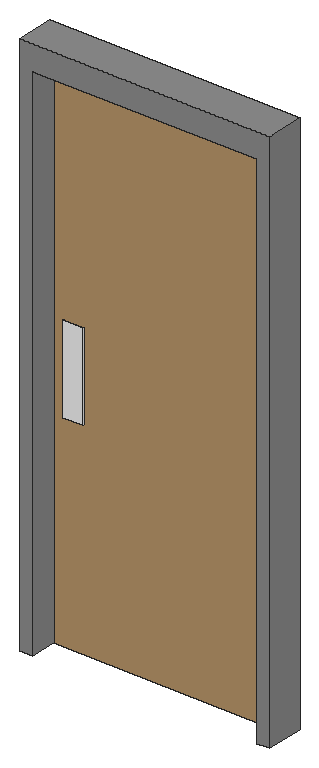
Revit family "M_Porta-Passagem-Única-Nivelada-Dupla_Agindo", category Portas, Revit 2019
Family settings
  Hospedeiro = Parede
  Número OmniClass = 23.30.10.00
  Título OmniClass = Doors
  Sempre na vertical = Sim
  Corte com vazios quando carregada = Não
  Compartilhado = Não
  Ponto de cálculo do ambiente = Não
Parameters
  Visual Light Transmittance = 0
  Espessura = 45 mm
  Resistência térmica (R) = 0.455703 (m²·K)/W
  Ângulo de abertura [instance] = 45.00°
  Altura do traçado = 1000 mm
  Solar Heat Gain Coefficient = 0
  Rough Width [instance] = Largura + Largura da abertura MF  # 1000 mm
  Rough Height [instance] = Height + Altura da abertura MF  # 2200 mm
  Material do painel = Madeira - Bétula
  Moldura de alvenaria [instance] = yes
  Altura da abertura MF [instance] = if(Moldura de alvenaria, 100 mm, 30 mm)  # 100 mm
  Largura da abertura MF [instance] = if(Moldura de alvenaria, 100 mm, 60 mm)  # 100 mm
  Calcular inserção [instance] = if(Moldura de alvenaria, Inserção de alvenaria + 80 mm, 80 mm)  # 105 mm
  Inserção de alvenaria [instance] = 25 mm
  Height = 2100 mm
  Fechamento da parede = Por hospedeiro
  Largura = 900 mm
  Coeficiente de transferência de calor (U) = 2.19465 W/(m²·K)
  Função = Exterior
  Material da moldura = Metal - Acabamento de pintura - Cinza
  Profundidade da moldura de alvenaria = 150 mm
  Moldura de Dry Wall [instance] = not(Moldura de alvenaria)  # no
  Material da maçaneta = Alumín. 1
  Código de montagem = "B2030200"
  Construção analítica = "Madeira"
Reference planes
  plane 1 "Centro (Frente/Trás)": y = 0
  plane 2 "Centro (Esquerda/Direita)": x = 0
  plane 3 "Esquerda": x = -500
  plane 4 "Direita": x = 500
  plane 5 "Superior": z = 2200
  plane 6 "Exterior": y = 107.95
  plane 7 "Interior": y = -95.25
  plane 8 "Painel esquerdo da porta": x = -450
  plane 9 "Painel direito da porta": x = 450
  plane 10 "Topo do painel": z = 2100
  plane 11: z = 0
  plane 12: z = 0
  plane 13 "Traseira da porta": y = 37.95
  plane 14: z = 1000
  plane 15 "Frente da porta": y = 82.95
  plane 16: y = -67.05
  plane 17: z = 2149.2
  plane 18: y = 187.95
  plane 19: z = 2150
  plane 20: x = 470.05
  plane 21: x = 519.05
  plane 22: y = 120.65
  plane 23: y = -107.95
  plane 24: x = 454.175
  plane 25: y = 33.187
  plane 26: y = -4.913
  plane 27: y = 63.625
  plane 28: y = 57.275
  plane 29: y = 60.45
Forms (mm)
  Extrusion 1, solid, material "Madeira - Bétula" <- "Material do painel"
    sketch origin (0, 0, 0) x (1, 0, 0) y (0, 0, 1)
      loop
        line (450, 2100) -> (-450, 2100) -> (-450, 0) -> (450, 0) -> (450, 2100)
    from -82.95 to -37.95
  Sweep 2, solid, material "Metal - Acabamento de pintura - Cinza" <- "Material da moldura", visible <- "Moldura de alvenaria"
    path origin (0, 107.95, 0) x (1, 0, 0) y (0, 0, 1)
      loop
        line (500, 0) -> (500, 2150) -> (-500, 2150) -> (-500, 0)
    profile origin (-500, 107.95, 1075) x (0, -1, 0) y (1, 0, 0)
      loop
        line (25, 50) -> (25, 0) -> (175, 0) -> (175, 50) -> (25, 50)
  Extrusion 3, solid, material "Metal - Acabamento de pintura - Cinza" <- "Material da moldura", visible <- "Moldura de alvenaria"
    sketch origin (0, 0, 0) x (0, 1, 0) y (0, 0, 1)
      loop
        line (82.95, 2200) -> (-67.05, 2200) -> (-67.05, 2149.2) -> (82.95, 2149.2) -> (82.95, 2200)
    from -500 to 500
  Sweep 4, solid, material "Metal - Acabamento de pintura - Cinza" <- "Material da moldura", visible <- "Moldura de Dry Wall"
    path origin (0, 107.95, 0) x (1, 0, 0) y (0, 0, 1)
      loop
        line (500, 0) -> (500, 2200) -> (-500, 2200) -> (-500, 0)
    profile origin (500, 107.95, 1100) x (-1, 0, 0) y (0, -1, 0)
      loop
        line (-19.05, -12.7) -> (29.95, -12.7) -> (29.95, 215.9) -> (-19.05, 215.9) -> (-19.05, 203.2) -> (0, 203.2) -> (0, 0) -> (-19.05, 0) -> (-19.05, -12.7)
Cuts and joins
  joined: Sweep 2, Extrusion 3
Lines and regions (mm)
  Opening 1
    outline origin (-2286, -95.25, 0) x (1, 0, 0) y (0, 0, 1)
      loop
        line (1786, 0) -> (2786, 0) -> (2786, 2200) -> (1786, 2200) -> (1786, 0)
  Masking region 1, visible <- "Moldura de alvenaria", detail levels coarse+medium
    outline origin (0, 0, 0) x (1, 0, 0) y (0, 1, 0)
      loop
        line (-500, 82.95) -> (-500, -67.05) -> (-450, -67.05) -> (-450, 82.95) -> (-500, 82.95)
      loop
        line (500, 82.95) -> (450, 82.95) -> (450, -67.05) -> (500, -67.05) -> (500, 82.95)
  Masking region 2, visible <- "Moldura de alvenaria", detail levels fine
    outline origin (0, 0, 0) x (1, 0, 0) y (0, 1, 0)
      loop
        line (-500, 82.95) -> (-500, -67.05) -> (-450, -67.05) -> (-450, 82.95) -> (-500, 82.95)
      loop
        line (500, 82.95) -> (450, 82.95) -> (450, -67.05) -> (500, -67.05) -> (500, 82.95)
  Masking region 3, visible <- "Moldura de Dry Wall", detail levels coarse+medium
    outline origin (0, 0, 0) x (1, 0, 0) y (0, 1, 0)
      loop
        line (450, -95.25) -> (500, -95.25) -> (500, 107.95) -> (450, 107.95) -> (450, -95.25)
      loop
        line (-500, 107.95) -> (-500, -95.25) -> (-470.05, -95.25) -> (-470.05, 107.95) -> (-500, 107.95)
  Masking region 4, visible <- "Moldura de Dry Wall", detail levels fine
    outline origin (0, 0, 0) x (1, 0, 0) y (0, 1, 0)
      loop
        line (-519.05, 120.65) -> (-519.05, 107.95) -> (-500, 107.95) -> (-500, -95.25) -> (-519.05, -95.25) -> (-519.05, -107.95) -> (-470.05, -107.95) -> (-470.05, 120.65) -> (-519.05, 120.65)
      loop
        line (519.05, 107.95) -> (519.05, 120.65) -> (470.05, 120.65) -> (470.05, -107.95) -> (519.05, -107.95) -> (519.05, -95.25) -> (500, -95.25) -> (500, 107.95) -> (519.05, 107.95)
  symbolic lines, style "Giro da elevação"
    curve 1: line (-450, 107.95, 2100) -> (450, 107.95, 1050)
    curve 2: line (450, 107.95, 1050) -> (-450, 107.95, 0)
Text (mm)
  text "Exterior" at (-1904.17, 693.701, 0), in view "Nível de referência"
  text "Interior" at (-1904.17, -638.649, 0), in view "Nível de referência"
  text "Exterior" at (0, 1019.848, 3124.603), in view "Direita"
  text "Interior" at (0, -1635.541, 3124.603), in view "Direita"
  text "Interior" at (0, -787.806, 3124.376), in view "Esquerda"
  text "Exterior" at (0, 1386.095, 3124.376), in view "Esquerda"
Dimensions and locks
  equal spacing: plane 3 "Esquerda", plane 2 "Centro (Esquerda/Direita)", plane 4 "Direita"
  "Rough Height": level to plane 5 "Superior"
  equal spacing: plane 8 "Painel esquerdo da porta", plane 2 "Centro (Esquerda/Direita)", plane 9 "Painel direito da porta"
  "Largura": plane 8 "Painel esquerdo da porta" to plane 9 "Painel direito da porta"
  "Height": level to plane 10 "Topo do painel"
  plane 11 to plane 12 = 0 mm
  "Rough Width": plane 3 "Esquerda" to plane 4 "Direita"
  equal spacing: plane 12, curve 2, plane 10 "Topo do painel"
  "Espessura": plane 15 "Frente da porta" to plane 13 "Traseira da porta"
  "Profundidade da moldura de alvenaria": plane 15 "Frente da porta" to plane 16
  locked: plane 17 to plane 5 "Superior" at 50.8
  locked: plane 6 "Exterior" to plane 18 at 80
  "Calcular inserção": plane 18 to plane 15 "Frente da porta"
  locked: plane 10 "Topo do painel" to plane 19 at 50
  locked: plane 4 "Direita" to plane 21 at 19.05
  locked: plane 6 "Exterior" to plane 22 at 12.7
  locked: plane 23 to plane 7 "Interior" at 12.7
  plane 20 to plane 21 = 49 mm
  plane 13 "Traseira da porta" to plane 25 to plane 26 = 4.762 mm locked, 38.1 mm locked
  locked: plane 24 to plane 20 at 15.875
  "Altura do traçado": plane 11 to plane 14
  equal spacing: plane 15 "Frente da porta", plane 29, plane 13 "Traseira da porta"
  locked: plane 29 to plane 28 at 3.175
  locked: plane 27 to plane 29 at 3.175
  aligned and locked: plane 3 "Esquerda" to Opening 1 sketch curve
  aligned and locked: plane 5 "Superior" to Opening 1 sketch curve  (x2)
  aligned and locked: Opening 1 sketch curve to plane 4 "Direita"
  aligned and locked: Opening 1 sketch curve to level
  aligned and locked: plane 6 "Exterior" to host wall
  aligned and locked: plane 7 "Interior" to host wall
  aligned and locked: plane 11 to level
  aligned and locked: Extrusion 1 sketch curve to plane 10 "Topo do painel"
  aligned and locked: Extrusion 1 sketch curve to plane 8 "Painel esquerdo da porta"
  aligned and locked: plane 9 "Painel direito da porta" to Extrusion 1 sketch curve
  aligned and locked: Extrusion 1 sketch curve to plane 12
  aligned and locked: Extrusion 1 to plane 13 "Traseira da porta"
  aligned and locked: nested 1 to plane 8 "Painel esquerdo da porta"
  aligned and locked: plane 8 "Painel esquerdo da porta" to nested 2
  aligned and locked: nested 2 to plane 13 "Traseira da porta"
  aligned and locked: nested 1 to plane 15 "Frente da porta"
  aligned and locked: Sweep 2 sketch curve to plane 3 "Esquerda"  (x2)
  aligned and locked: plane 11 to Sweep 2 sketch curve  (x2)
  aligned and locked: plane 8 "Painel esquerdo da porta" to Sweep 2 sketch curve
  aligned and locked: Sweep 2 sketch curve to plane 16
  aligned and locked: Sweep 2 sketch curve to plane 15 "Frente da porta"
  aligned and locked: Sweep 2 sketch curve to plane 4 "Direita"
  aligned and locked: plane 5 "Superior" to Extrusion 3 sketch curve
  aligned and locked: Extrusion 3 sketch curve to plane 16
  aligned and locked: Extrusion 3 sketch curve to plane 15 "Frente da porta"
  aligned and locked: plane 17 to Extrusion 3 sketch curve
  aligned and locked: cut or joined group of Sweep 2, Extrusion 3 to plane 4 "Direita"
  aligned and locked: plane 3 "Esquerda" to cut or joined group of Sweep 2, Extrusion 3
  aligned and locked: Masking region 1 sketch curve to plane 15 "Frente da porta"
  aligned and locked: plane 8 "Painel esquerdo da porta" to Masking region 1 sketch curve
  aligned and locked: Masking region 1 sketch curve to plane 16
  aligned and locked: Masking region 1 sketch curve to plane 3 "Esquerda"
  aligned and locked: plane 15 "Frente da porta" to Masking region 1 sketch curve
  aligned and locked: Masking region 1 sketch curve to plane 4 "Direita"
  aligned and locked: plane 9 "Painel direito da porta" to Masking region 1 sketch curve
  aligned and locked: plane 16 to Masking region 1 sketch curve
  aligned and locked: Masking region 2 sketch curve to plane 3 "Esquerda"
  aligned and locked: Masking region 2 sketch curve to plane 16
  aligned and locked: Masking region 2 sketch curve to plane 15 "Frente da porta"
  aligned and locked: plane 8 "Painel esquerdo da porta" to Masking region 2 sketch curve
  aligned and locked: plane 15 "Frente da porta" to Masking region 2 sketch curve
  aligned and locked: Masking region 2 sketch curve to plane 4 "Direita"
  aligned and locked: plane 9 "Painel direito da porta" to Masking region 2 sketch curve
  aligned and locked: plane 16 to Masking region 2 sketch curve
  aligned and locked: plane 19 to Sweep 2 sketch curve
  aligned and locked: plane 4 "Direita" to Sweep 4 sketch curve
  aligned and locked: Sweep 4 sketch curve to plane 3 "Esquerda"
  aligned and locked: plane 21 to Sweep 4 sketch curve  (x2)
  aligned and locked: Sweep 4 sketch curve to plane 7 "Interior"
  aligned and locked: Sweep 4 sketch curve to plane 23
  aligned and locked: Sweep 4 sketch curve to plane 20
  aligned and locked: Sweep 4 sketch curve to plane 22
  aligned and locked: plane 6 "Exterior" to Sweep 4 sketch curve
  aligned and locked: Sweep 4 sketch curve to plane 4 "Direita"
  aligned and locked: plane 5 "Superior" to Sweep 4 sketch curve
  aligned and locked: Masking region 3 sketch curve to plane 6 "Exterior"
  aligned and locked: plane 7 "Interior" to Masking region 3 sketch curve
  aligned and locked: Masking region 3 sketch curve to plane 4 "Direita"
  aligned and locked: plane 6 "Exterior" to Masking region 3 sketch curve
  aligned and locked: Masking region 3 sketch curve to plane 3 "Esquerda"
  aligned and locked: Masking region 3 sketch curve to plane 7 "Interior"
  aligned and locked: Masking region 4 sketch curve to plane 3 "Esquerda"
  aligned and locked: Masking region 4 sketch curve to Sweep 4  (x7)
  aligned and locked: Masking region 4 sketch curve to plane 6 "Exterior"
  aligned and locked: plane 7 "Interior" to Masking region 4 sketch curve
  aligned and locked: Masking region 4 sketch curve to plane 4 "Direita"
  aligned and locked: Masking region 4 sketch curve to plane 7 "Interior"
  aligned and locked: Sweep 4 to Masking region 4 sketch curve  (x3)
  aligned and locked: plane 6 "Exterior" to Masking region 4 sketch curve
  aligned and locked: plane 11 to Sweep 4 sketch curve  (x2)
  aligned and locked: plane 9 "Painel direito da porta" to Masking region 3 sketch curve
  aligned and locked: Sweep 4 to Masking region 3
  aligned and locked: nested 3 to plane 9 "Painel direito da porta"
  aligned and locked: nested 3 to plane 15 "Frente da porta"
  aligned and locked: plane 9 "Painel direito da porta" to nested 4
  aligned and locked: nested 4 to plane 13 "Traseira da porta"
  aligned and locked: nested 1 to plane 14
  aligned and locked: plane 14 to nested 2
  aligned and locked: Extrusion 1 to nested 3
Automatic sketch dimensions
  curve 2 to level = 0 mm
  curve 2 to plane 8 "Painel esquerdo da porta" = 0 mm
  curve 1 to plane 8 "Painel esquerdo da porta" = 0 mm
  curve 2 to plane 9 "Painel direito da porta" = 0 mm
  curve 1 to plane 10 "Topo do painel" = 0 mm
  plane 8 "Painel esquerdo da porta" to Masking region 3 sketch curve = 20.05 mm
Nested families
  nested 1: "M_Placa de empuxe" at (-597.5, 82.95, 1000), type "80 x 350mm", detail levels fine
  nested 2: "M_Placa de empuxe" at (-597.5, 37.95, 1000), type "80 x 350mm", detail levels fine
  nested 3: "Porta com abertura única" at (450, 82.95, 0), Ângulo de abertura <- "Ângulo de abertura", type "Único"
    with Abertura visível yes, Ângulo de abertura 45.00°, Ângulo real 45.00°
  nested 4: "Abertura da porta-única-oposta" at (450, 37.95, 0), Ângulo de abertura <- "Ângulo de abertura", type "Único"
    with Abertura visível yes, Ângulo de abertura 45.00°, Ângulo real 45.00°
Definition of nested family "M_Placa de empuxe"
  Parameters (values of type "80 x 350mm")
    Width = 80 mm
    Material = none
    Height = 350 mm
    Distância Z da maçaneta = 0 mm
    Distância X da maçaneta = 80 mm
    Assembly Code = ""
    Analytic Construction = "<Nenhum>"
  Reference planes
    plane 1 "Centro (Frente/Trás)": y = 0
    plane 2: z = 0
    plane 3 "Centro (Esquerda/Direita)": x = 147.5
    plane 4: z = 0
    plane 5 "Maçaneta C/L": x = 227.5
  Forms (mm)
    Extrusion 1, solid, material <- "Material"
      sketch origin (300, 0, 0) x (1, 0, 0) y (0, 0, -1)
        loop
          line (-112.5, -175) -> (-32.5, -175) -> (-32.5, 175) -> (-112.5, 175) -> (-112.5, -175)
      from 0 to 3.175
  Dimensions and locks
    "Distância Z da maçaneta": plane 4 to level
    "Width": Extrusion 1 sketch curve to Extrusion 1 sketch curve
    equal spacing: Extrusion 1 sketch curve, plane 4, Extrusion 1 sketch curve
    "Distância X da maçaneta": plane 5 "Maçaneta C/L" to plane 3 "Centro (Esquerda/Direita)"
    equal spacing: Extrusion 1 sketch curve, plane 5 "Maçaneta C/L", Extrusion 1 sketch curve
    "Height": Extrusion 1 sketch curve to Extrusion 1 sketch curve
Definition of nested family "Porta com abertura única"
  Parameters (values of type "Único")
    Width = 900 mm
    Thickness = 45 mm
    Abertura visível [instance] = Ângulo de abertura > 1.00°  # yes
    Ângulo de abertura [instance] = 45.00°
    Assembly Code = ""
    Analytic Construction = "<Nenhum>"
    Ângulo real [instance] = if(Ângulo de abertura < 1.00°, 1.00°, Ângulo de abertura)  # 45.00°
  Reference planes
    plane 1 "Centro (Frente/Trás)": y = 0
    plane 2: z = 0
    plane 3 "Centro (Esquerda/Direita)": x = 0
    plane 4: x = -900
  Lines and regions (mm)
    Masking region 1
      outline origin (0, 0, 0) x (-0.707107, 0.707107, 0) y (-0.707107, -0.707107, 0)
        loop
          line (0, 0) -> (900, 0) -> (900, 45) -> (0, 45) -> (0, 0)
    symbolic lines
      curve 1: line (0, 0, 0) -> (-900, 0, 0)
    symbolic lines, visible <- "Abertura visível"
      curve 2: arc (-900, 0, 0) -> (-831.492, 344.415, 0) -> (-636.396, 636.396, 0) r 900
    reference lines
      curve 3: line (0, 0, 0) -> (-636.396, 636.396, 0)
    model lines
      curve 4: line (0, 0, 0) -> (0, 0, 25.4)
  Dimensions and locks
    "Width": plane 4 to plane 3 "Centro (Esquerda/Direita)"
    locked: curve 2 to plane 3 "Centro (Esquerda/Direita)"
    locked: curve 2 to plane 1 "Centro (Frente/Trás)"
    "Width": curve 3 to curve 3
    "Thickness": Masking region 1 sketch curve to Masking region 1 sketch curve
    locked: curve 4 to plane 2 at 25.4
    "Width": radius of curve 2
    "Ângulo real": angle curve 2 to curve 2
    "Ângulo de abertura": angle curve 3 to plane 1 "Centro (Frente/Trás)"
    aligned and locked: curve 1 to plane 1 "Centro (Frente/Trás)"
    aligned and locked: plane 3 "Centro (Esquerda/Direita)" to curve 1
    aligned and locked: plane 3 "Centro (Esquerda/Direita)" to curve 3
    aligned and locked: plane 1 "Centro (Frente/Trás)" to curve 3
    aligned and locked: curve 3 to Masking region 1 sketch curve
    aligned and locked: Masking region 1 sketch curve to curve 3  (x2)
    aligned and locked: plane 3 "Centro (Esquerda/Direita)" to curve 4
    aligned and locked: plane 2 to curve 4
Definition of nested family "Abertura da porta-única-oposta"
  Parameters (values of type "Único")
    Width = 900 mm
    Thickness = 45 mm
    Abertura visível [instance] = Ângulo de abertura > 1.00°  # yes
    Ângulo de abertura [instance] = 45.00°
    Assembly Code = ""
    Analytic Construction = "<Nenhum>"
    Ângulo real [instance] = if(Ângulo de abertura < 1.00°, 1.00°, Ângulo de abertura)  # 45.00°
  Reference planes
    plane 1 "Centro (Frente/Trás)": y = 0
    plane 2: z = 0
    plane 3 "Centro (Esquerda/Direita)": x = 0
    plane 4: x = -900
  Lines and regions (mm)
    symbolic lines
      curve 1: line (0, 0, 0) -> (-900, 0, 0)
      curve 5: line (0, 0, 0) -> (-636.396, 636.396, 0)
      curve 6: line (-636.396, 636.396, 0) -> (-668.216, 604.576, 0)
      curve 7: line (-668.216, 604.576, 0) -> (-31.82, -31.82, 0)
      curve 8: line (-31.82, -31.82, 0) -> (0, 0, 0)
    symbolic lines, visible <- "Abertura visível"
      curve 2: arc (-900, 0, 0) -> (-831.492, 344.415, 0) -> (-636.396, 636.396, 0) r 900
    reference lines
      curve 3: line (0, 0, 0) -> (-636.396, 636.396, 0)
    model lines
      curve 4: line (0, 0, 0) -> (0, 0, 25.4)
  Dimensions and locks
    "Width": plane 4 to plane 3 "Centro (Esquerda/Direita)"
    locked: curve 2 to plane 3 "Centro (Esquerda/Direita)"
    locked: curve 2 to plane 1 "Centro (Frente/Trás)"
    "Width": curve 3 to curve 3
    locked: curve 4 to plane 2 at 25.4
    "Thickness": curve 3 to curve 7
    "Width": radius of curve 2
    "Ângulo real": angle curve 2 to curve 2
    "Ângulo de abertura": angle curve 3 to plane 1 "Centro (Frente/Trás)"
    aligned and locked: curve 1 to plane 1 "Centro (Frente/Trás)"
    aligned and locked: plane 3 "Centro (Esquerda/Direita)" to curve 1
    aligned and locked: plane 3 "Centro (Esquerda/Direita)" to curve 3
    aligned and locked: plane 1 "Centro (Frente/Trás)" to curve 3
    aligned and locked: plane 3 "Centro (Esquerda/Direita)" to curve 4
    aligned and locked: plane 2 to curve 4
    aligned and locked: curve 5 to curve 2
    aligned and locked: curve 6 to curve 3
    aligned and locked: curve 8 to curve 3
Types in the file's own list only (15): name | Transmissão de luz visual | Resistência térmica (R) | Coeficiente de ganho de calor solar | Altura | Largura | Coeficiente de transferência de calor (U)
  900 x 2000mm | 0 | 0.4557 (m²·K)/W | 0 | 2000 mm | 900 mm | 2.1946 W/(m²·K)
  900 x 2100mm | 0 | 0.4557 (m²·K)/W | 0 | 2100 mm | 900 mm | 2.1946 W/(m²·K)
  900 x 2200mm | 0 | 0.4557 (m²·K)/W | 0 | 2200 mm | 900 mm | 2.1946 W/(m²·K)
  900 x 2350mm | 0 | 0.4557 (m²·K)/W | 0 | 2350 mm | 900 mm | 2.1946 W/(m²·K)
  900 x 2400mm | 0 | 0.4557 (m²·K)/W | 0 | 2400 mm | 900 mm | 2.1946 W/(m²·K)
  1050 x 2000mm | 0 | 0.4557 (m²·K)/W | 0 | 2000 mm | 1050 mm | 2.1946 W/(m²·K)
  1050 x 2100mm | 0 | 0.4557 (m²·K)/W | 0 | 2100 mm | 1050 mm | 2.1946 W/(m²·K)
  1050 x 2200mm | 0 | 0.4557 (m²·K)/W | 0 | 2200 mm | 1050 mm | 2.1946 W/(m²·K)
  1050 x 2350mm | 0 | 0.4557 (m²·K)/W | 0 | 2350 mm | 1050 mm | 2.1946 W/(m²·K)
  1050 x 2400mm | 0 | 0.4557 (m²·K)/W | 0 | 2400 mm | 1050 mm | 2.1946 W/(m²·K)
  1200 x 2000mm | 0 | 0.4557 (m²·K)/W | 0 | 2000 mm | 1200 mm | 2.1946 W/(m²·K)
  1200 x 2100mm | 0 | 0.4557 (m²·K)/W | 0 | 2100 mm | 1200 mm | 2.1946 W/(m²·K)
  1200 x 2200mm | 0 | 0.4557 (m²·K)/W | 0 | 2200 mm | 1200 mm | 2.1946 W/(m²·K)
  1200 x 2350mm | 0 | 0.4557 (m²·K)/W | 0 | 2350 mm | 1200 mm | 2.1946 W/(m²·K)
  1200 x 2400mm | 0 | 0.4557 (m²·K)/W | 0 | 2400 mm | 1200 mm | 2.1946 W/(m²·K)
